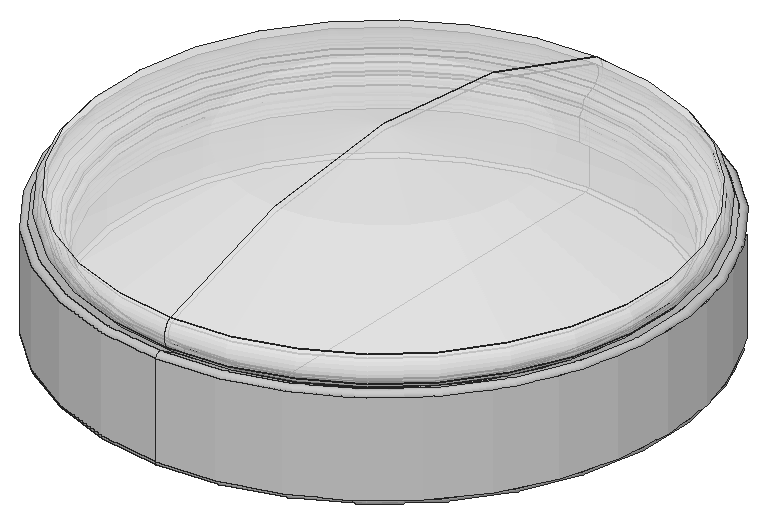
Revit family "2-6114-24 Journey", category Lighting Fixtures, Revit 2014
Parameters
  Wattage = 4.61822 W
  built-in parameter 1150110 = 1 (stored number, unit not read)
  URL = "http://www.oxygenlighting.com"
  Type Comments = "Lighting - Fluorescent"
  built-in parameter 1114217 = 1 (stored number, unit not read)
  Tilt Angle = -90.00°
  built-in parameter 1150109 = 1 (stored number, unit not read)
  built-in parameter 1150134 = 9
  built-in parameter 1150113 = 1 (stored number, unit not read)
  Product Documentation Link = "http://oxygenlighting.com.s3.amazonaws.com/downloads/cutsheets/2-6114-xx.pdf"
  Photometric Web File = "2-6114-24 Journey 14 ITL77197.IES"
  Model = "2-6114-24"
  Metal Finish = Satin Nickel
  Manufacturer = "Oxygen Lighting"
  built-in parameter 1150105 = 41.521 (stored number, unit not read)
  Lumens = 686 lm
  built-in parameter 1150115 = 1 (stored number, unit not read)
  built-in parameter 1150137 = (empty or 0)
  built-in parameter 1150139 = (empty or 0)
  built-in parameter 1150112 = 1 (stored number, unit not read)
  Lamp Manufacturer = "Sylvania CF26DD/E/830"
  built-in parameter 1150114 = 1 (stored number, unit not read)
  Lamp = "2x26W Double Twin Tube Compact Fluorescent"
  Junction Box = "4' Octagonal"
  Input Voltage (Volts AC) = "120"
  Power Factor = "0.99"
  Input Power (Watts) = "41.6"
  Input Current (Amps AC) = ""
  built-in parameter 1150132 = 2
  built-in parameter 1150102 = (empty or 0)
  built-in parameter 1150107 = 3450 (stored number, unit not read)
  built-in parameter 1150138 = (empty or 0)
  built-in parameter 1150106 = 0.41521 (stored number, unit not read)
  Fixture Height = 0' - 4.50049"
  Fixture Diameter = 1' - 2.05556"
  Emit from Circle Diameter = 2' - 0"
  Emit Shape Visible in Rendering = no
  Efficacy (lm/W) = ""
  built-in parameter 1150104 = 13.8 (stored number, unit not read)
  Dimming Lamp Color Temperature Shift = <None>
  Diffuser = White Opal Glass
  Description = "14\" dia. ceiling mount"
  Default Elevation = 4' - 0"
  Color Filter = 16777215
  Ballast Manufacturer = "Antron Electronics CSS-UV42PS"
  built-in parameter 1114218 = 1 (stored number, unit not read)
  built-in parameter 1150133 = 10 (stored number, unit not read)
  Apparent Load = 41.6 VA
Reference planes (in)
  plane 1 "Light Source Axis (F/B)": y = 0
  plane 2: z = 0
  plane 3 "Light Source Axis (L/R)": x = 0
  plane 4 "Light Source Elevation": z = 4.50049
  plane 5: x = -7.02778
  plane 6: x = 7.02778
  plane 7: y = -6.97
  plane 8: y = 6.97
  plane 9: z = 4.50049
Forms (in)
  Revolve 1, solid, material "Satin Nickel" <- "Metal Finish"
    sketch origin (0, 0, 0) x (0, 1, 0) y (0, 0, 1)
      loop
        arc (7.02778, 2.38948) -> (6.97625, 2.48294) -> (6.86901, 2.49072) r 0.11052
        line (6.86901, 2.49072) -> (6.40441, 2.25827)
        arc (6.40441, 2.25827) -> (6.35356, 2.21179) -> (6.33474, 2.14552) r 0.12608
        line (6.33474, 2.14552) -> (6.33474, 1.96661)
        arc (6.33474, 1.96661) -> (6.32326, 1.9305) -> (6.29304, 1.90764) r 0.06255
        arc (6.29304, 1.90764) -> (6.20964, 1.7897) -> (6.29304, 1.67176) r 0.12509
        arc (6.29304, 1.67176) -> (6.32326, 1.6489) -> (6.33474, 1.61279) r 0.06255
        line (6.33474, 1.61279) -> (6.33474, 0.31434)
        arc (6.33474, 0.31434) -> (6.30061, 0.26777) -> (6.24567, 0.25) r 0.09382
        line (6.24567, 0.25) -> (0, 0.25) -> (0, 0) -> (6.91725, 0)
        arc (6.91725, 0) -> (6.99541, 0.03237) -> (7.02778, 0.11052) r 0.11052
        line (7.02778, 0.11052) -> (7.02778, 2.38948)
      axis (0, 2.49072) -> (0, 0)
    angle from 0 to 360
  Revolve 2, solid, material "White Opal Glass" <- "Diffuser"
    sketch origin (0, 0, 0) x (0, 1, 0) y (0, 0, 1)
      loop
        line (0, 4.50049) -> (0, 4.35745)
        arc (0, 4.35745) -> (3.33722, 4.00672) -> (6.5289, 2.97079) r 16.07473
        arc (6.5289, 2.97079) -> (6.62629, 2.74506) -> (6.54356, 2.51356) r 0.33537
        arc (6.54356, 2.51356) -> (6.49818, 2.47148) -> (6.44779, 2.43554) r 0.48243
        line (6.44779, 2.43554) -> (6.25085, 2.36184)
        arc (6.25085, 2.36184) -> (6.18011, 2.3068) -> (6.15335, 2.22125) r 0.15011
        line (6.15335, 2.22125) -> (6.15335, 2.12586)
        arc (6.15335, 2.12586) -> (6.08474, 2.05925) -> (6.05953, 1.96701) r 0.18139
        line (6.05953, 1.96701) -> (6.05953, 1.43138) -> (6.20964, 1.43138)
        arc (6.20964, 1.43138) -> (6.25387, 1.4497) -> (6.27219, 1.49393) r 0.06255
        line (6.27219, 1.49393) -> (6.27219, 1.63115)
        arc (6.27219, 1.63115) -> (6.25387, 1.67537) -> (6.20964, 1.69369) r 0.06255
        line (6.20964, 1.69369) -> (6.20964, 1.96701)
        arc (6.20964, 1.96701) -> (6.21619, 1.98616) -> (6.2331, 1.99729) r 0.03127
        arc (6.2331, 1.99729) -> (6.28382, 2.03067) -> (6.30347, 2.08813) r 0.09382
        line (6.30347, 2.08813) -> (6.30347, 2.22125) -> (6.52771, 2.3281)
        arc (6.52771, 2.3281) -> (6.62006, 2.40684) -> (6.69783, 2.5) r 0.71781
        arc (6.69783, 2.5) -> (6.76189, 2.82275) -> (6.58702, 3.10149) r 0.44564
        arc (6.58702, 3.10149) -> (3.36692, 4.14663) -> (0, 4.50049) r 16.21777
      axis (0, 4.50049) -> (0, 1.43138)
    angle from 0 to 360
  Revolve 3, solid, material "Satin Nickel" <- "Metal Finish", not visible
    sketch origin (0, 0, 0) x (0, 1, 0) y (0, 0, 1)
      loop
        arc (7.02778, 2.38948) -> (6.97625, 2.48294) -> (6.86901, 2.49072) r 0.11052
        line (6.86901, 2.49072) -> (6.40441, 2.25827)
        arc (6.40441, 2.25827) -> (6.35356, 2.21179) -> (6.33474, 2.14552) r 0.12608
        line (6.33474, 2.14552) -> (6.33474, 1.96661)
        arc (6.33474, 1.96661) -> (6.32326, 1.9305) -> (6.29304, 1.90764) r 0.06255
        arc (6.29304, 1.90764) -> (6.20964, 1.7897) -> (6.29304, 1.67176) r 0.12509
        arc (6.29304, 1.67176) -> (6.32326, 1.6489) -> (6.33474, 1.61279) r 0.06255
        line (6.33474, 1.61279) -> (6.33474, 0.31434)
        arc (6.33474, 0.31434) -> (6.30061, 0.26777) -> (6.24567, 0.25) r 0.09382
        line (6.24567, 0.25) -> (0, 0.25) -> (0, 0) -> (6.91725, 0)
        arc (6.91725, 0) -> (6.99541, 0.03237) -> (7.02778, 0.11052) r 0.11052
        line (7.02778, 0.11052) -> (7.02778, 2.38948)
      axis (0, 2.49072) -> (0, 0)
    angle from 0 to 360
  Revolve 4, solid, material "White Opal Glass" <- "Diffuser", not visible
    sketch origin (0, 0, 0) x (0, 1, 0) y (0, 0, 1)
      loop
        line (0, 4.50049) -> (0, 4.35745)
        arc (0, 4.35745) -> (3.33722, 4.00672) -> (6.5289, 2.97079) r 16.07473
        arc (6.5289, 2.97079) -> (6.62629, 2.74506) -> (6.54356, 2.51356) r 0.33537
        arc (6.54356, 2.51356) -> (6.49818, 2.47148) -> (6.44779, 2.43554) r 0.48243
        line (6.44779, 2.43554) -> (6.25085, 2.36184)
        arc (6.25085, 2.36184) -> (6.18011, 2.3068) -> (6.15335, 2.22125) r 0.15011
        line (6.15335, 2.22125) -> (6.15335, 2.12586)
        arc (6.15335, 2.12586) -> (6.08474, 2.05925) -> (6.05953, 1.96701) r 0.18139
        line (6.05953, 1.96701) -> (6.05953, 1.43138) -> (6.20964, 1.43138)
        arc (6.20964, 1.43138) -> (6.25387, 1.4497) -> (6.27219, 1.49393) r 0.06255
        line (6.27219, 1.49393) -> (6.27219, 1.63115)
        arc (6.27219, 1.63115) -> (6.25387, 1.67537) -> (6.20964, 1.69369) r 0.06255
        line (6.20964, 1.69369) -> (6.20964, 1.96701)
        arc (6.20964, 1.96701) -> (6.21619, 1.98616) -> (6.2331, 1.99729) r 0.03127
        arc (6.2331, 1.99729) -> (6.28382, 2.03067) -> (6.30347, 2.08813) r 0.09382
        line (6.30347, 2.08813) -> (6.30347, 2.22125) -> (6.52771, 2.3281)
        arc (6.52771, 2.3281) -> (6.62006, 2.40684) -> (6.69783, 2.5) r 0.71781
        arc (6.69783, 2.5) -> (6.76189, 2.82275) -> (6.58702, 3.10149) r 0.44564
        arc (6.58702, 3.10149) -> (3.36692, 4.14663) -> (0, 4.50049) r 16.21777
      axis (0, 4.50049) -> (0, 1.43138)
    angle from 0 to 360
Dimensions and locks (in)
  "Fixture Diameter": plane 5 to plane 6
  equal spacing: plane 5, plane 3 "Light Source Axis (L/R)", plane 6, locked at 7.02778 each
  locked: plane 8 to plane 7 at 13.94
  "Fixture Height": plane 9 to level
  aligned and locked: level to plane 2
Automatic sketch dimensions
  Revolve 1 sketch curve to Revolve 1 sketch curve = 0' - 0"  (x3)
  Revolve 1 sketch curve to Revolve 1 sketch curve = 0' - 0.06255"  (x2)
  Revolve 1 sketch curve to Revolve 1 sketch curve = 0' - 0.12608"
  Revolve 1 sketch curve to Revolve 1 sketch curve = 0' - 0.06434"
  Revolve 1 sketch curve to Revolve 1 sketch curve = 0' - 1.26897"
  Revolve 1 sketch curve to Revolve 1 sketch curve = 0' - 0.17691"  (x2)
  Revolve 1 sketch curve to Revolve 1 sketch curve = 0' - 0.17891"
  Revolve 1 sketch curve to Revolve 1 sketch curve = 0' - 0.24396"
  Revolve 1 sketch curve to Revolve 1 sketch curve = 0' - 0.05641"
  Revolve 1 sketch curve to Revolve 1 sketch curve = 0' - 0.0007"
  Revolve 1 sketch curve to Revolve 1 sketch curve = 0' - 0.00147"
  Revolve 2 sketch curve to Revolve 2 sketch curve = 0' - 0"  (x13)
  Revolve 2 sketch curve to Revolve 2 sketch curve = 0' - 0.09382"
  Revolve 2 sketch curve to Revolve 2 sketch curve = 0' - 0.08364"
  Revolve 2 sketch curve to Revolve 2 sketch curve = 0' - 0.15011"  (x2)
  Revolve 2 sketch curve to Revolve 2 sketch curve = 0' - 0.05629"
  Revolve 2 sketch curve to Revolve 2 sketch curve = 0' - 0.03127"
  Revolve 2 sketch curve to Revolve 2 sketch curve = 0' - 0.0975"
  Revolve 2 sketch curve to Revolve 2 sketch curve = 0' - 0.06255"
  Revolve 2 sketch curve to Revolve 2 sketch curve = 0' - 0.09761"
  Revolve 2 sketch curve to Revolve 2 sketch curve = 0' - 0.03253"
  Revolve 2 sketch curve to Revolve 2 sketch curve = 0' - 0.19694"
  Revolve 2 sketch curve to Revolve 2 sketch curve = 0' - 0.07993"
  Revolve 2 sketch curve to Revolve 2 sketch curve = 0' - 0.14304"
  Revolve 2 sketch curve to Revolve 2 sketch curve = 0' - 0.06624"
  Revolve 2 sketch curve to Revolve 2 sketch curve = 0' - 0.10349"
  Revolve 2 sketch curve to Revolve 2 sketch curve = 0' - 0.0077"
  Revolve 2 sketch curve to Revolve 2 sketch curve = 0' - 0.30647"
  Revolve 2 sketch curve to Revolve 2 sketch curve = 0' - 0.0737"
  Revolve 2 sketch curve to Revolve 2 sketch curve = 0' - 0.10744"
  Revolve 2 sketch curve to Revolve 2 sketch curve = 0' - 0.0954"
  Revolve 2 sketch curve to Revolve 2 sketch curve = 0' - 0.03773"
  Revolve 2 sketch curve to Revolve 2 sketch curve = 0' - 0.27331"
  Revolve 2 sketch curve to Revolve 2 sketch curve = 0' - 0.13722"
  Revolve 2 sketch curve to Revolve 2 sketch curve = 0' - 0.20528"
  Revolve 2 sketch curve to Revolve 2 sketch curve = 0' - 0.05812"
  Revolve 2 sketch curve to Revolve 2 sketch curve = 0' - 1 1/2"
  Revolve 1 sketch curve to Revolve 1 sketch curve = 0' - 6.24567"
  Revolve 1 sketch curve to Revolve 1 sketch curve = 0' - 0.02652"
  Revolve 1 sketch curve to Revolve 1 sketch curve = 0' - 0.58251"
  Revolve 1 sketch curve to Revolve 1 sketch curve = 0' - 0.45643"
  Revolve 1 sketch curve to Revolve 1 sketch curve = 0' - 0.11052"
  Revolve 1 sketch curve to Revolve 1 sketch curve = 0' - 0.13948"
  Revolve 1 sketch curve to Revolve 1 sketch curve = 0' - 6.91725"
  Revolve 1 sketch curve to Revolve 1 sketch curve = 0' - 0.04824"
  Revolve 1 sketch curve to Revolve 1 sketch curve = 2' - 0"
  Revolve 1 sketch curve to Revolve 1 sketch curve = 7' - 7.23597"
  Revolve 2 sketch curve to Revolve 2 sketch curve = 0' - 0.00238"
  Revolve 2 sketch curve to Revolve 2 sketch curve = 0' - 6.05953"
  Revolve 2 sketch curve to Revolve 2 sketch curve = 0' - 0.141"
  Revolve 2 sketch curve to Revolve 2 sketch curve = 1' - 1.14866"
  Revolve 2 sketch curve to Revolve 2 sketch curve = 0' - 1.4457"
  Revolve 3 sketch curve to Revolve 3 sketch curve = 0' - 0"  (x3)
  Revolve 3 sketch curve to Revolve 3 sketch curve = 0' - 0.06255"  (x2)
  Revolve 3 sketch curve to Revolve 3 sketch curve = 0' - 0.12608"
  Revolve 3 sketch curve to Revolve 3 sketch curve = 0' - 0.06434"
  Revolve 3 sketch curve to Revolve 3 sketch curve = 0' - 1.26897"
  Revolve 3 sketch curve to Revolve 3 sketch curve = 0' - 0.17691"  (x2)
  Revolve 3 sketch curve to Revolve 3 sketch curve = 0' - 0.17891"
  Revolve 3 sketch curve to Revolve 3 sketch curve = 0' - 0.24396"
  Revolve 3 sketch curve to Revolve 3 sketch curve = 0' - 0.05641"
  Revolve 3 sketch curve to Revolve 3 sketch curve = 0' - 0.0007"
  Revolve 3 sketch curve to Revolve 3 sketch curve = 0' - 0.00147"
  Revolve 4 sketch curve to Revolve 4 sketch curve = 0' - 0"  (x13)
  Revolve 4 sketch curve to Revolve 4 sketch curve = 0' - 0.09382"
  Revolve 4 sketch curve to Revolve 4 sketch curve = 0' - 0.08364"
  Revolve 4 sketch curve to Revolve 4 sketch curve = 0' - 0.15011"  (x2)
  Revolve 4 sketch curve to Revolve 4 sketch curve = 0' - 0.05629"
  Revolve 4 sketch curve to Revolve 4 sketch curve = 0' - 0.03127"
  Revolve 4 sketch curve to Revolve 4 sketch curve = 0' - 0.0975"
  Revolve 4 sketch curve to Revolve 4 sketch curve = 0' - 0.06255"
  Revolve 4 sketch curve to Revolve 4 sketch curve = 0' - 0.09761"
  Revolve 4 sketch curve to Revolve 4 sketch curve = 0' - 0.03253"
  Revolve 4 sketch curve to Revolve 4 sketch curve = 0' - 0.19694"
  Revolve 4 sketch curve to Revolve 4 sketch curve = 0' - 0.07993"
  Revolve 4 sketch curve to Revolve 4 sketch curve = 0' - 0.14304"
  Revolve 4 sketch curve to Revolve 4 sketch curve = 0' - 0.06624"
  Revolve 4 sketch curve to Revolve 4 sketch curve = 0' - 0.10349"
  Revolve 4 sketch curve to Revolve 4 sketch curve = 0' - 0.0077"
  Revolve 4 sketch curve to Revolve 4 sketch curve = 0' - 0.30647"
  Revolve 4 sketch curve to Revolve 4 sketch curve = 0' - 0.0737"
  Revolve 4 sketch curve to Revolve 4 sketch curve = 0' - 0.10744"
  Revolve 4 sketch curve to Revolve 4 sketch curve = 0' - 0.0954"
  Revolve 4 sketch curve to Revolve 4 sketch curve = 0' - 0.03773"
  Revolve 4 sketch curve to Revolve 4 sketch curve = 0' - 0.27331"
  Revolve 4 sketch curve to Revolve 4 sketch curve = 0' - 0.13722"
  Revolve 4 sketch curve to Revolve 4 sketch curve = 0' - 0.20528"
  Revolve 4 sketch curve to Revolve 4 sketch curve = 0' - 0.05812"
  Revolve 4 sketch curve to Revolve 4 sketch curve = 0' - 1 1/2"
  Revolve 3 sketch curve to Revolve 3 sketch curve = 0' - 6.24567"
  Revolve 3 sketch curve to Revolve 3 sketch curve = 0' - 0.02652"
  Revolve 3 sketch curve to Revolve 3 sketch curve = 0' - 0.58251"
  Revolve 3 sketch curve to Revolve 3 sketch curve = 0' - 0.45643"
  Revolve 3 sketch curve to Revolve 3 sketch curve = 0' - 0.11052"
  Revolve 3 sketch curve to Revolve 3 sketch curve = 0' - 0.13948"
  Revolve 3 sketch curve to Revolve 3 sketch curve = 0' - 6.91725"
  Revolve 3 sketch curve to Revolve 3 sketch curve = 0' - 0.04824"
  Revolve 3 sketch curve to Revolve 3 sketch curve = 2' - 0"
  Revolve 3 sketch curve to Revolve 3 sketch curve = 7' - 7.23597"
  Revolve 4 sketch curve to Revolve 4 sketch curve = 0' - 0.00238"
  Revolve 4 sketch curve to Revolve 4 sketch curve = 0' - 6.05953"
  Revolve 4 sketch curve to Revolve 4 sketch curve = 0' - 0.141"
  Revolve 4 sketch curve to Revolve 4 sketch curve = 1' - 1.14866"
  Revolve 4 sketch curve to Revolve 4 sketch curve = 0' - 1.4457"
